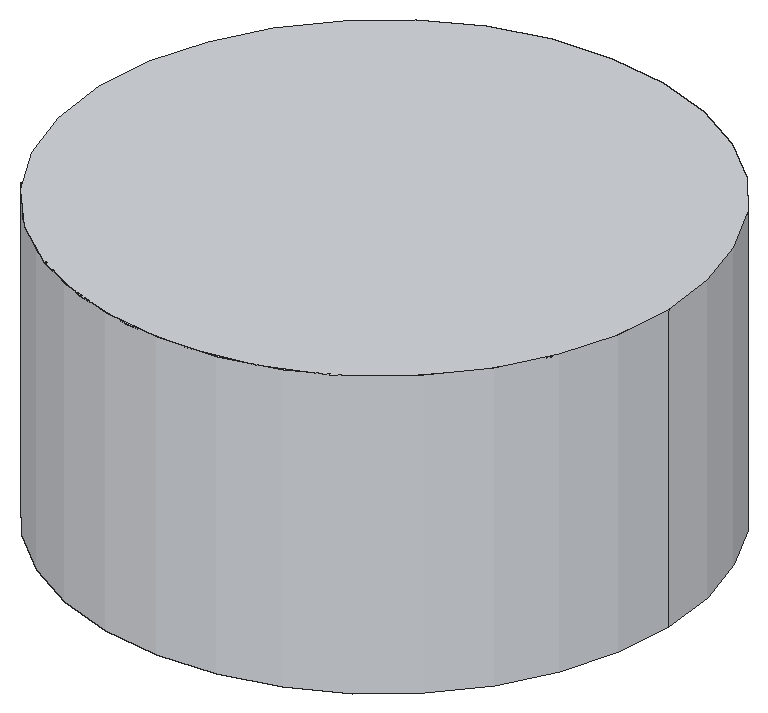
Revit family "10981600", category Specialty Equipment, Revit 2020
Family settings
  Round Connector Dimension = Use Diameter
  Part Type = Normal
  OmniClass Number = 23.40.40.14
  OmniClass Title = Food Service Equipment
  Work Plane-Based = No
  Always vertical = Yes
  Cut with Voids When Loaded = No
  Shared = No
  Room Calculation Point = No
Parameters (values of type "Standard")
  URL = "https://www.rustfriebergh.no/produkter/serveringsdisker/displaymonter-rbdm/"
  Model = "10981600"
  Manufacturer = "RUSTFRIE BERGH AS"
  Description = "Displaymonter RBDM 1600"
  Default Elevation = 0 mm
Reference planes
  plane 1 "Center (Front/Back)": y = 0
  plane 2: z = 0
  plane 3 "Center (Left/Right)": x = 0
Forms (mm)
  Extrusion 1, solid
    sketch origin (590, 240, 51.5) x (1, 0, 0) y (0, 1, 0)
      loop
        circle (0, 0) r 3.048
    from 0 to -3.048
Dimensions and locks
  aligned and locked: level to plane 2
Connectors
  electrical at (590, 240, 51.5)
    settings: on Extrusion 1, index 1, voltage 230 V, apparent load 850 VA, apparent load phase1 0 VA, apparent load phase2 0 VA, apparent load phase3 0 VA, power factor 0, load classification "Other", number of poles 1, system type 30, power factor state 1, is connector primary yes, connector utility no, sub classification motor no, connector description "230V 50/60HZ 3,69A"
